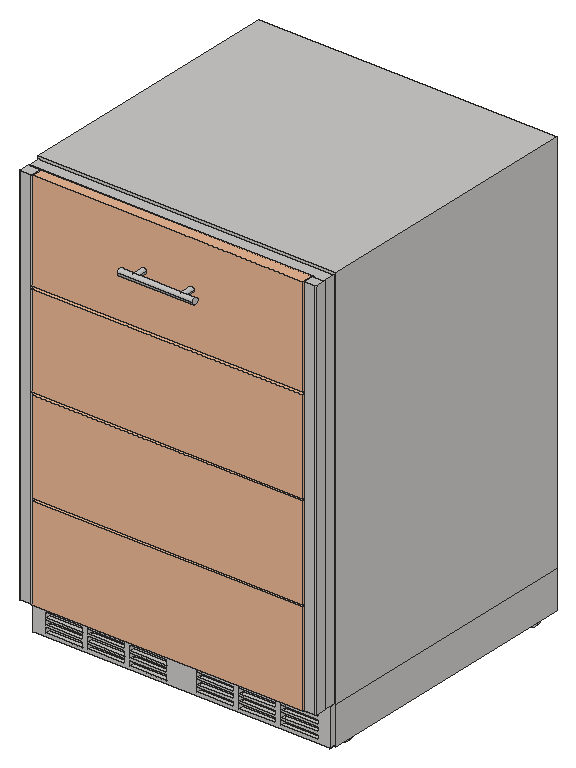
Revit family "Outdoor-Kitchen-Equipment_Kalamazoo_Dual-Zone-Cold-Cabinets_Arcadia", category Specialty Equipment, Revit 2018
Family settings
  Round Connector Dimension = Use Diameter
  Part Type = Normal
  OmniClass Number = 23.40.40.11.24
  OmniClass Title = Cold Cabinets
  Work Plane-Based = No
  Always vertical = Yes
  Cut with Voids When Loaded = No
  Shared = No
  Room Calculation Point = No
Parameters (values of type "K-HP24CO-2KD")
  Width = 23 7/8"
  Weight (lb) = 215.00 lbf
  Voltage = 120 V
  URL = "https://kalamazoogourmet.com/products/arcadia-24-inch-dual-zone-outdoor-refrigerator-win/"
  Total Cooling Capacity = 1985.0 Btu/h
  Right Hinge [instance] = not(Left Hinge)  # no
  Product data url = "https://www.bimobject.com/kalamazoogourmet/product/arcadia-dual-zone-refrigerator"
  Product Material = Kalamazoo - Stainless Steel - 304 OR 316L
  Power Factor = 0.8
  Panel Finish [instance] = Kalamazoo - Ipe Wood
  Number of Poles = 3
  Model = "K-HP24CO-2KD"
  Manufacturer = "Kalamazoo Outdoor Gourmet"  # constant formula
  Left Hinge [instance] = yes
  Keynote = "11400"
  Height = 34 3/8"  # constant formula
  Frequency = 60 Hz
  Description = "Arcadia 24-inch Dual-Zone Refrigerator and Wine Chiller"
  Depth = 24"  # constant formula
  Current = 2.3 A
  Assembly Code = "E1090300"
  Apparent Load = Voltage * Current / Number of Poles * Power Factor  # 73.6 VA
  6KD = no
Types (4): name | URL | Model | Description | 6KD
  (no name) | "https://kalamazoogourmet.com/products/arcadia-24-inch-dual-zone-outdoor-refrigerator-win/" | "K-HP24CO-2KD" | "Arcadia 24-inch Dual-Zone Refrigerator and Wine Chiller" | no
  K-HP24CO-2KD | "https://kalamazoogourmet.com/products/arcadia-24-inch-dual-zone-outdoor-refrigerator-win/" | "K-HP24CO-2KD" | "Arcadia 24-inch Dual-Zone Refrigerator and Wine Chiller" | no
  K-HP24ZO-6KD | "https://kalamazoogourmet.com/products/arcadia-24-inch-outdoor-refrigerator-freezer-drawe/" | "K-HP24ZO-6KD" | "Arcadia 24-inch Outdoor Refrigerator and Freezer Drawers" | yes
  K-HP24DO-2KD | "https://kalamazoogourmet.com/products/arcadia-24-inch-dual-zone-outdoor-wine-chiller/" | "K-HP24DO-2KD" | "Arcadia 24-inch Dual-Zone Wine Chiller" | no
Reference planes (in)
  plane 1: y = 0
  plane 2: z = 0
  plane 3 "Center (Left/Right)": x = 0
  plane 4: z = 3.375
  plane 5: z = 34.375
  plane 6: z = 34.175
  plane 7: z = 0.375
  plane 8: x = -11.9375
  plane 9: x = 11.9375
  plane 10: x = -10.865
  plane 11: x = 10.865
  plane 12: z = 36.93359
  plane 13: y = 2.5938
  plane 14 "Center (Front/Back)": y = 11.0125
  plane 15: z = 36.375
  plane 16: y = -12.9875
Forms (in)
  Extrusion 1, solid, material "Kalamazoo - Stainless Steel - 304 OR 316L"
    sketch origin (0, 0, 0) x (1, 0, 0) y (0, 1, 0)
      loop
        line (-11.9375, 11.0125) -> (-11.9375, -11.1125) -> (11.9375, -11.1125) -> (11.9375, 11.0125) -> (-11.9375, 11.0125)
    from 0.375 to 3.375
  Extrusion 2, solid, material "Kalamazoo - Stainless Steel - 304 OR 316L"
    sketch origin (0, 0, 0) x (1, 0, 0) y (0, 1, 0)
      loop
        circle (-11, 9.42009) r 0.72169
      loop
        circle (-11, -9.42009) r 0.72169
      loop
        circle (11, 9.42009) r 0.72169
      loop
        circle (11, -9.42009) r 0.72169
    from 0 to 0.375
  Extrusion 3, solid, material "Kalamazoo - Stainless Steel - 304 OR 316L"
    sketch origin (0, 0, 0) x (1, 0, 0) y (0, 1, 0)
      loop
        line (11.9375, 11.0125) -> (-11.9375, 11.0125) -> (-11.9375, -11.1125) -> (11.9375, -11.1125) -> (11.9375, 11.0125)
    from 3.375 to 34.375
  Extrusion 4, solid, material "Kalamazoo - Stainless Steel - 304 OR 316L"
    sketch origin (0, 0, 0) x (1, 0, 0) y (0, 1, 0)
      loop
        line (-10.865, -12.0775) -> (-11.865, -12.0775) -> (-11.865, -12.8775)
        arc (-11.865, -12.8775) -> (-11.83278, -12.95528) -> (-11.755, -12.9875) r 0.11
        line (-11.755, -12.9875) -> (-10.975, -12.9875)
        arc (-10.975, -12.9875) -> (-10.89722, -12.95528) -> (-10.865, -12.8775) r 0.11
        line (-10.865, -12.8775) -> (-10.865, -12.0775)
      loop
        line (10.865, -12.0775) -> (10.865, -12.8775)
        arc (10.865, -12.8775) -> (10.89722, -12.95528) -> (10.975, -12.9875) r 0.11
        line (10.975, -12.9875) -> (11.755, -12.9875)
        arc (11.755, -12.9875) -> (11.83278, -12.95528) -> (11.865, -12.8775) r 0.11
        line (11.865, -12.8775) -> (11.865, -12.0775) -> (10.865, -12.0775)
    from 3.375 to 34.175
  Extrusion 5, solid, material "Kalamazoo - Ipe Wood" <- "Panel Finish"
    sketch origin (0, 0, 0) x (1, 0, 0) y (0, 0, 1)
      loop
        line (-10.865, 26.2375) -> (10.865, 26.2375) -> (10.865, 34.175) -> (-10.865, 34.175) -> (-10.865, 26.2375)
      loop
        line (-10.865, 18.61667) -> (10.865, 18.61667) -> (10.865, 26.05417) -> (-10.865, 26.05417) -> (-10.865, 18.61667)
      loop
        line (-10.865, 10.99583) -> (10.865, 10.99583) -> (10.865, 18.43333) -> (-10.865, 18.43333) -> (-10.865, 10.99583)
      loop
        line (-10.865, 3.375) -> (10.865, 3.375) -> (10.865, 10.8125) -> (-10.865, 10.8125) -> (-10.865, 3.375)
    from 12.0775 to 12.9875
  Extrusion 6, solid, material "Kalamazoo - Stainless Steel - 304 OR 316L"
    sketch origin (0, 0, 0) x (1, 0, 0) y (0, 1, 0)
      loop
        line (-11.7875, -11.1125) -> (-11.7875, -12.0775) -> (11.7875, -12.0775) -> (11.7875, -11.1125) -> (-11.7875, -11.1125)
    from 3.375 to 34.175
  Extrusion 7, solid, material "Kalamazoo - Stainless Steel - 304 OR 316L", detail levels fine
    sketch origin (0, 0, 0) x (0, 1, 0) y (0, 0, 1)
      loop
        circle (-14.0025, 30.45625) r 0.24
    from -3 to 3
  Extrusion 8, solid, material "Kalamazoo - Stainless Steel - 304 OR 316L", detail levels fine
    sketch origin (0, 0, 0) x (1, 0, 0) y (0, 0, 1)
      loop
        circle (-1.91437, 30.45651) r 0.19943
      loop
        circle (1.91437, 30.45651) r 0.19943
    from 12.9875 to 14.04062
  Sweep 9, solid, material "Kalamazoo - Stainless Steel - 304 OR 316L", detail levels fine
    path origin (-0.03374, 10.6225, 0.12966) x (0, 1, 0) y (0, 0, 1)
      loop
        line (-21.735, 1.8125) -> (-22.145, 1.8125)
    profile origin (-0.03374, -11.3175, 1.94216) x (0, 0, -1) y (1, 0, 0)
      loop
        line (-1.43284, 11.90179) -> (-1.43284, 0.37517) -> (-1.43284, -11.90179) -> (1.52553, -11.90179)
        arc (1.52553, -11.90179) -> (1.55536, -11.88476) -> (1.56716, -11.8525) r 0.05
        line (1.56716, -11.8525) -> (1.56716, 0) -> (1.56716, 11.8525)
        arc (1.56716, 11.8525) -> (1.55536, 11.88476) -> (1.52553, 11.90179) r 0.05
        line (1.52553, 11.90179) -> (-1.43284, 11.90179)
      loop
        line (-1.30263, -8.03166) -> (-1.30263, -10.84308)
        arc (-1.30263, -10.84308) -> (-1.27524, -10.90983) -> (-1.20862, -10.93751) r 0.09401
        line (-1.20862, -10.93751) -> (-0.88239, -10.93751) -> (-0.88239, -7.9376) -> (-1.20846, -7.9376)
        arc (-1.20846, -7.9376) -> (-1.27504, -7.96511) -> (-1.30263, -8.03166) r 0.09406
      loop
        line (-0.76262, -8.03158) -> (-0.76262, -10.84329)
        arc (-0.76262, -10.84329) -> (-0.73516, -10.9099) -> (-0.66861, -10.9375) r 0.09401
        line (-0.66861, -10.9375) -> (-0.3424, -10.9375) -> (-0.3424, -7.93755) -> (-0.66873, -7.93755)
        arc (-0.66873, -7.93755) -> (-0.73513, -7.96514) -> (-0.76262, -8.03158) r 0.09403
      loop
        line (-0.22261, -8.0315) -> (-0.22261, -10.8435)
        arc (-0.22261, -10.8435) -> (-0.19507, -10.90997) -> (-0.12861, -10.9375) r 0.094
        line (-0.12861, -10.9375) -> (0.19761, -10.9375) -> (0.19761, -7.9375) -> (-0.12874, -7.9375)
        arc (-0.12874, -7.9375) -> (-0.19512, -7.96508) -> (-0.22261, -8.0315) r 0.094
      loop
        line (0.31739, -8.0315) -> (0.31739, -10.8435)
        arc (0.31739, -10.8435) -> (0.34493, -10.90997) -> (0.41139, -10.9375) r 0.094
        line (0.41139, -10.9375) -> (0.73761, -10.9375) -> (0.73761, -7.9375) -> (0.41153, -7.9375)
        arc (0.41153, -7.9375) -> (0.34497, -7.96499) -> (0.31739, -8.0315) r 0.094
      loop
        line (0.85738, -8.03162) -> (0.85738, -10.84319)
        arc (0.85738, -10.84319) -> (0.8848, -10.90986) -> (0.95139, -10.93751) r 0.09401
        line (0.95139, -10.93751) -> (1.27761, -10.93751) -> (1.27761, -7.93757) -> (0.95127, -7.93757)
        arc (0.95127, -7.93757) -> (0.88487, -7.96517) -> (0.85738, -8.03162) r 0.09404
      loop
        line (-1.30263, -4.65666) -> (-1.30263, -7.46891)
        arc (-1.30263, -7.46891) -> (-1.27495, -7.53512) -> (-1.20862, -7.56251) r 0.09401
        line (-1.20862, -7.56251) -> (-0.88239, -7.56251) -> (-0.88239, -4.5626) -> (-1.20857, -4.5626)
        arc (-1.20857, -4.5626) -> (-1.27508, -4.59015) -> (-1.30263, -4.65666) r 0.09406
      loop
        line (-0.76262, -4.65658) -> (-0.76262, -7.4687)
        arc (-0.76262, -7.4687) -> (-0.73501, -7.53504) -> (-0.66861, -7.5625) r 0.09401
        line (-0.66861, -7.5625) -> (-0.3424, -7.5625) -> (-0.3424, -4.56255) -> (-0.66865, -4.56255)
        arc (-0.66865, -4.56255) -> (-0.7351, -4.59011) -> (-0.76262, -4.65658) r 0.09403
      loop
        line (-0.22261, -4.6565) -> (-0.22261, -7.4685)
        arc (-0.22261, -7.4685) -> (-0.19507, -7.53497) -> (-0.12861, -7.5625) r 0.094
        line (-0.12861, -7.5625) -> (0.19761, -7.5625) -> (0.19761, -4.5625) -> (-0.12866, -4.5625)
        arc (-0.12866, -4.5625) -> (-0.19509, -4.59005) -> (-0.22261, -4.6565) r 0.094
      loop
        line (0.31739, -4.6565) -> (0.31739, -7.4685)
        arc (0.31739, -7.4685) -> (0.34493, -7.53497) -> (0.41139, -7.5625) r 0.094
        line (0.41139, -7.5625) -> (0.73761, -7.5625) -> (0.73761, -4.5625) -> (0.41144, -4.5625)
        arc (0.41144, -4.5625) -> (0.34494, -4.59001) -> (0.31739, -4.6565) r 0.094
      loop
        line (0.85738, -4.65662) -> (0.85738, -7.4688)
        arc (0.85738, -7.4688) -> (0.88502, -7.53508) -> (0.95139, -7.56251) r 0.09401
        line (0.95139, -7.56251) -> (1.27761, -7.56251) -> (1.27761, -4.56257) -> (0.95136, -4.56257)
        arc (0.95136, -4.56257) -> (0.8849, -4.59014) -> (0.85738, -4.65662) r 0.09404
      loop
        line (-1.30262, -1.28166) -> (-1.30262, -4.09391)
        arc (-1.30262, -4.09391) -> (-1.27493, -4.16012) -> (-1.20859, -4.18752) r 0.09403
        line (-1.20859, -4.18752) -> (-0.88239, -4.18752) -> (-0.88239, -1.18761) -> (-1.20857, -1.18761)
        arc (-1.20857, -1.18761) -> (-1.27507, -1.21515) -> (-1.30262, -1.28166) r 0.09405
      loop
        line (-0.76261, -1.28158) -> (-0.76261, -4.0937)
        arc (-0.76261, -4.0937) -> (-0.73499, -4.16005) -> (-0.66859, -4.18751) r 0.09402
        line (-0.66859, -4.18751) -> (-0.3424, -4.18751) -> (-0.3424, -1.18755) -> (-0.66858, -1.18755)
        arc (-0.66858, -1.18755) -> (-0.73507, -1.21509) -> (-0.76261, -1.28158) r 0.09402
      loop
        line (-0.22259, -1.2815) -> (-0.22259, -4.09349)
        arc (-0.22259, -4.09349) -> (-0.19506, -4.15997) -> (-0.12858, -4.18751) r 0.09401
        line (-0.12858, -4.18751) -> (0.19761, -4.18751) -> (0.19761, -1.1875) -> (-0.1286, -1.1875)
        arc (-0.1286, -1.1875) -> (-0.19506, -1.21503) -> (-0.22259, -1.2815) r 0.09399
      loop
        line (0.31741, -1.2815) -> (0.31741, -4.09349)
        arc (0.31741, -4.09349) -> (0.34494, -4.15997) -> (0.41142, -4.18751) r 0.09401
        line (0.41142, -4.18751) -> (0.73761, -4.18751) -> (0.73761, -1.1875) -> (0.4114, -1.1875)
        arc (0.4114, -1.1875) -> (0.34494, -1.21503) -> (0.31741, -1.2815) r 0.09399
      loop
        line (0.85739, -1.28161) -> (0.85739, -4.0938)
        arc (0.85739, -4.0938) -> (0.88504, -4.16009) -> (0.95141, -4.18751) r 0.09402
        line (0.95141, -4.18751) -> (1.27761, -4.18751) -> (1.27761, -1.18758) -> (0.95142, -1.18758)
        arc (0.95142, -1.18758) -> (0.88493, -1.21512) -> (0.85739, -1.28161) r 0.09404
      loop
        arc (-1.30263, 8.03166) -> (-1.27504, 7.96511) -> (-1.20846, 7.9376) r 0.09406
        line (-1.20846, 7.9376) -> (-0.88239, 7.9376) -> (-0.88239, 10.93751) -> (-1.20862, 10.93751)
        arc (-1.20862, 10.93751) -> (-1.27524, 10.90983) -> (-1.30263, 10.84308) r 0.09401
        line (-1.30263, 10.84308) -> (-1.30263, 8.03166)
      loop
        arc (-0.76262, 8.03158) -> (-0.73513, 7.96514) -> (-0.66873, 7.93755) r 0.09403
        line (-0.66873, 7.93755) -> (-0.3424, 7.93755) -> (-0.3424, 10.9375) -> (-0.66861, 10.9375)
        arc (-0.66861, 10.9375) -> (-0.73516, 10.9099) -> (-0.76262, 10.84329) r 0.09401
        line (-0.76262, 10.84329) -> (-0.76262, 8.03158)
      loop
        arc (-0.22261, 8.0315) -> (-0.19512, 7.96508) -> (-0.12874, 7.9375) r 0.094
        line (-0.12874, 7.9375) -> (0.19761, 7.9375) -> (0.19761, 10.9375) -> (-0.12861, 10.9375)
        arc (-0.12861, 10.9375) -> (-0.19507, 10.90997) -> (-0.22261, 10.8435) r 0.094
        line (-0.22261, 10.8435) -> (-0.22261, 8.0315)
      loop
        arc (0.31739, 8.0315) -> (0.34497, 7.96499) -> (0.41153, 7.9375) r 0.094
        line (0.41153, 7.9375) -> (0.73761, 7.9375) -> (0.73761, 10.9375) -> (0.41139, 10.9375)
        arc (0.41139, 10.9375) -> (0.34493, 10.90997) -> (0.31739, 10.8435) r 0.094
        line (0.31739, 10.8435) -> (0.31739, 8.0315)
      loop
        arc (0.85738, 8.03162) -> (0.88487, 7.96517) -> (0.95127, 7.93757) r 0.09404
        line (0.95127, 7.93757) -> (1.27761, 7.93757) -> (1.27761, 10.93751) -> (0.95139, 10.93751)
        arc (0.95139, 10.93751) -> (0.8848, 10.90986) -> (0.85738, 10.84319) r 0.09401
        line (0.85738, 10.84319) -> (0.85738, 8.03162)
      loop
        arc (-1.30263, 4.65666) -> (-1.27508, 4.59015) -> (-1.20857, 4.5626) r 0.09406
        line (-1.20857, 4.5626) -> (-0.88239, 4.5626) -> (-0.88239, 7.56251) -> (-1.20862, 7.56251)
        arc (-1.20862, 7.56251) -> (-1.27495, 7.53512) -> (-1.30263, 7.46891) r 0.09401
        line (-1.30263, 7.46891) -> (-1.30263, 4.65666)
      loop
        arc (-0.76262, 4.65658) -> (-0.7351, 4.59011) -> (-0.66865, 4.56255) r 0.09403
        line (-0.66865, 4.56255) -> (-0.3424, 4.56255) -> (-0.3424, 7.5625) -> (-0.66861, 7.5625)
        arc (-0.66861, 7.5625) -> (-0.73501, 7.53504) -> (-0.76262, 7.4687) r 0.09401
        line (-0.76262, 7.4687) -> (-0.76262, 4.65658)
      loop
        arc (-0.22261, 4.6565) -> (-0.19509, 4.59005) -> (-0.12866, 4.5625) r 0.094
        line (-0.12866, 4.5625) -> (0.19761, 4.5625) -> (0.19761, 7.5625) -> (-0.12861, 7.5625)
        arc (-0.12861, 7.5625) -> (-0.19507, 7.53497) -> (-0.22261, 7.4685) r 0.094
        line (-0.22261, 7.4685) -> (-0.22261, 4.6565)
      loop
        arc (0.31739, 4.6565) -> (0.34494, 4.59001) -> (0.41144, 4.5625) r 0.094
        line (0.41144, 4.5625) -> (0.73761, 4.5625) -> (0.73761, 7.5625) -> (0.41139, 7.5625)
        arc (0.41139, 7.5625) -> (0.34493, 7.53497) -> (0.31739, 7.4685) r 0.094
        line (0.31739, 7.4685) -> (0.31739, 4.6565)
      loop
        arc (0.85738, 4.65662) -> (0.8849, 4.59014) -> (0.95136, 4.56257) r 0.09404
        line (0.95136, 4.56257) -> (1.27761, 4.56257) -> (1.27761, 7.56251) -> (0.95139, 7.56251)
        arc (0.95139, 7.56251) -> (0.88502, 7.53508) -> (0.85738, 7.4688) r 0.09401
        line (0.85738, 7.4688) -> (0.85738, 4.65662)
      loop
        arc (-1.30262, 1.28166) -> (-1.27507, 1.21515) -> (-1.20857, 1.18761) r 0.09405
        line (-1.20857, 1.18761) -> (-0.88239, 1.18761) -> (-0.88239, 4.18752) -> (-1.20859, 4.18752)
        arc (-1.20859, 4.18752) -> (-1.27493, 4.16012) -> (-1.30262, 4.09391) r 0.09403
        line (-1.30262, 4.09391) -> (-1.30262, 1.28166)
      loop
        arc (-0.76261, 1.28158) -> (-0.73507, 1.21509) -> (-0.66858, 1.18755) r 0.09402
        line (-0.66858, 1.18755) -> (-0.3424, 1.18755) -> (-0.3424, 4.18751) -> (-0.66859, 4.18751)
        arc (-0.66859, 4.18751) -> (-0.73499, 4.16005) -> (-0.76261, 4.0937) r 0.09402
        line (-0.76261, 4.0937) -> (-0.76261, 1.28158)
      loop
        arc (-0.22259, 1.2815) -> (-0.19506, 1.21503) -> (-0.1286, 1.1875) r 0.09399
        line (-0.1286, 1.1875) -> (0.19761, 1.1875) -> (0.19761, 4.18751) -> (-0.12858, 4.18751)
        arc (-0.12858, 4.18751) -> (-0.19506, 4.15997) -> (-0.22259, 4.09349) r 0.09401
        line (-0.22259, 4.09349) -> (-0.22259, 1.2815)
      loop
        arc (0.31741, 1.2815) -> (0.34494, 1.21503) -> (0.4114, 1.1875) r 0.09399
        line (0.4114, 1.1875) -> (0.73761, 1.1875) -> (0.73761, 4.18751) -> (0.41142, 4.18751)
        arc (0.41142, 4.18751) -> (0.34494, 4.15997) -> (0.31741, 4.09349) r 0.09401
        line (0.31741, 4.09349) -> (0.31741, 1.2815)
      loop
        arc (0.85739, 1.28161) -> (0.88493, 1.21512) -> (0.95142, 1.18758) r 0.09404
        line (0.95142, 1.18758) -> (1.27761, 1.18758) -> (1.27761, 4.18751) -> (0.95141, 4.18751)
        arc (0.95141, 4.18751) -> (0.88504, 4.16009) -> (0.85739, 4.0938) r 0.09402
        line (0.85739, 4.0938) -> (0.85739, 1.28161)
  Sweep 10, solid, material "Kalamazoo - Stainless Steel - 304 OR 316L", detail levels coarse+medium
    path origin (-0.03374, 10.6225, 0.12966) x (0, 1, 0) y (0, 0, 1)
      loop
        line (-21.735, 1.8125) -> (-22.145, 1.8125)
    profile origin (-0.03374, -11.3175, 1.94216) x (0, 0, -1) y (1, 0, 0)
      loop
        line (-1.43284, 11.90179) -> (-1.43284, 0.37517) -> (-1.43284, -11.90179) -> (1.52553, -11.90179)
        arc (1.52553, -11.90179) -> (1.55536, -11.88476) -> (1.56716, -11.8525) r 0.05
        line (1.56716, -11.8525) -> (1.56716, 0) -> (1.56716, 11.8525)
        arc (1.56716, 11.8525) -> (1.55536, 11.88476) -> (1.52553, 11.90179) r 0.05
        line (1.52553, 11.90179) -> (-1.43284, 11.90179)
  Extrusion 11, solid, material "Kalamazoo - Stainless Steel - 304 OR 316L", visible <- "6KD", detail levels fine
    sketch origin (0, 0, -15.74167) x (0, 1, 0) y (0, 0, 1)
      loop
        circle (-14.0025, 30.45625) r 0.24
    from -3 to 3
  Extrusion 12, solid, material "Kalamazoo - Stainless Steel - 304 OR 316L", visible <- "6KD", detail levels fine
    sketch origin (0, 0, -15.74167) x (1, 0, 0) y (0, 0, 1)
      loop
        circle (-1.91437, 30.45651) r 0.19943
      loop
        circle (1.91437, 30.45651) r 0.19943
    from 12.9875 to 14.04062
Lines and regions (in)
  Masking region 1
    outline origin (0, 0, 0) x (1, 0, 0) y (0, 1, 0)
      loop
        line (-11.9375, 11.0125) -> (-11.9375, -11.1125) -> (11.9375, -11.1125) -> (11.9375, 11.0125) -> (-11.9375, 11.0125)
  Masking region 2
    outline origin (0, 0, 0) x (1, 0, 0) y (0, 1, 0)
      loop
        line (-11.7875, -11.1125) -> (-11.7875, -12.0775) -> (11.7875, -12.0775) -> (11.7875, -11.1125) -> (-11.7875, -11.1125)
  Masking region 3
    outline origin (0, 0, 0) x (1, 0, 0) y (0, 1, 0)
      loop
        line (-11.865, -12.0775) -> (-11.865, -12.8775)
        arc (-11.865, -12.8775) -> (-11.83278, -12.95528) -> (-11.755, -12.9875) r 0.11
        line (-11.755, -12.9875) -> (-10.975, -12.9875)
        arc (-10.975, -12.9875) -> (-10.89722, -12.95528) -> (-10.865, -12.8775) r 0.11
        line (-10.865, -12.8775) -> (-10.865, -12.0775) -> (-11.865, -12.0775)
      loop
        line (11.865, -12.0775) -> (10.865, -12.0775) -> (10.865, -12.8775)
        arc (10.865, -12.8775) -> (10.89722, -12.95528) -> (10.975, -12.9875) r 0.11
        line (10.975, -12.9875) -> (11.755, -12.9875)
        arc (11.755, -12.9875) -> (11.83278, -12.95528) -> (11.865, -12.8775) r 0.11
        line (11.865, -12.8775) -> (11.865, -12.0775)
  Masking region 4
    outline origin (0, 0, 0) x (1, 0, 0) y (0, 1, 0)
      loop
        line (-10.865, -12.0775) -> (-10.865, -12.9875) -> (10.865, -12.9875) -> (10.865, -12.0775) -> (-10.865, -12.0775)
  Masking region 5, detail levels fine
    outline origin (0, 0, 0) x (1, 0, 0) y (0, 1, 0)
      loop
        line (-3, -13.7625) -> (-3, -14.2425) -> (3, -14.2425) -> (3, -13.7625) -> (2.11381, -13.7625) -> (2.11381, -12.9875) -> (1.71494, -12.9875) -> (1.71494, -13.7625) -> (-1.71494, -13.7625) -> (-1.71494, -12.9875) -> (-2.11381, -12.9875) -> (-2.11381, -13.7625) -> (-3, -13.7625)
Dimensions and locks (in)
  plane 4 to plane 2 = 3 3/8"
  locked: plane 5 to Extrusion 7 sketch curve at 3.91875
  locked: plane 5 to Extrusion 8 sketch curve at 3.91849  (x2)
  plane 5 to plane 2 = 34 3/8"
  plane 5 to plane 6 = 0.2"
  locked: plane 7 to plane 2 at 0.375
  equal spacing: plane 8, plane 3 "Center (Left/Right)", plane 9
  "Width": plane 8 to plane 9
  locked: plane 8 to Extrusion 6 sketch curve at 0.15
  locked: Extrusion 6 sketch curve to plane 9 at 0.15
  plane 8 to Extrusion 4 sketch curve to Extrusion 4 sketch curve = 0.0725" locked, 1" locked
  Extrusion 4 sketch curve to Extrusion 4 sketch curve to plane 9 = 1" locked, 0.0725" locked
  locked: plane 8 to plane 10 at 1.0725
  locked: plane 11 to plane 9 at 1.0725
  locked: plane 8 to Extrusion 2 sketch curve at 0.9375  (x2)
  locked: Extrusion 2 sketch curve to plane 9 at 0.9375  (x2)
  locked: plane 8 to Masking region 2 sketch curve at 0.15
  locked: Masking region 2 sketch curve to plane 9 at 0.15
  plane 8 to Masking region 3 sketch curve to Masking region 3 sketch curve = 0.0725" locked, 1" locked
  Masking region 3 sketch curve to Masking region 3 sketch curve to plane 9 = 1" locked, 0.0725" locked
  locked: plane 1 to plane 13 at 2.5938
  locked: plane 12 to plane 15 at 0.55859
  plane 15 to plane 5 = 2"
  "Height": plane 5 to level
  "Depth": plane 14 "Center (Front/Back)" to plane 16
  aligned and locked: plane 2 to level
  aligned and locked: plane 4 to Extrusion 1
  aligned and locked: Extrusion 3 to plane 4
  aligned and locked: plane 5 to Extrusion 3
  aligned and locked: plane 7 to Extrusion 1
  aligned and locked: Extrusion 6 to plane 4
  aligned and locked: Extrusion 4 to plane 4
  aligned and locked: plane 6 to Extrusion 6
  aligned and locked: plane 6 to Extrusion 4
  aligned and locked: Extrusion 3 to plane 5
  aligned and locked: Extrusion 5 to plane 10  (x4)
  aligned and locked: plane 11 to Extrusion 5  (x4)
  aligned and locked: Extrusion 3 sketch curve to plane 8
  aligned and locked: plane 9 to Extrusion 3 sketch curve
  aligned and locked: plane 8 to Extrusion 1 sketch curve
  aligned and locked: Extrusion 1 sketch curve to plane 9
  aligned and locked: plane 8 to Masking region 1 sketch curve
  aligned and locked: Masking region 1 sketch curve to plane 9
  aligned and locked: plane 10 to Masking region 4 sketch curve
  aligned and locked: Masking region 4 sketch curve to plane 11
Automatic sketch dimensions
  Extrusion 1 sketch curve to plane 14 "Center (Front/Back)" = 0"
  plane 16 to Extrusion 1 sketch curve = 1 7/8"
  plane 16 to Extrusion 2 sketch curve = 3.56741"  (x2)
  Extrusion 2 sketch curve to plane 14 "Center (Front/Back)" = 1.59241"  (x2)
  Extrusion 3 sketch curve to plane 14 "Center (Front/Back)" = 0"
  plane 16 to Extrusion 3 sketch curve = 1 7/8"
  Extrusion 4 sketch curve to plane 16 = 0"  (x2)
  plane 16 to Extrusion 4 sketch curve = 0.11"
  Extrusion 4 sketch curve to plane 10 = 0.11"
  plane 11 to Extrusion 4 sketch curve = 0.11"
  Extrusion 4 sketch curve to Extrusion 4 sketch curve = 0.11"
  Extrusion 4 sketch curve to Extrusion 4 sketch curve = 0.8"  (x2)
  Extrusion 5 sketch curve to plane 10 = 0"  (x4)
  Extrusion 5 sketch curve to plane 11 = 0"  (x4)
  Extrusion 5 sketch curve to plane 6 = 0"
  Extrusion 5 sketch curve to plane 4 = 0"
  Extrusion 5 sketch curve to Extrusion 5 sketch curve = 7 7/16"  (x3)
  Extrusion 5 sketch curve to Extrusion 5 sketch curve = 0.18333"  (x3)
  plane 16 to Extrusion 6 sketch curve = 0.91"
  Extrusion 6 sketch curve to Extrusion 6 sketch curve = 0.965"
  Extrusion 7 sketch curve to plane 16 = 1.015"
  Extrusion 8 sketch curve to plane 3 "Center (Left/Right)" = 1.91437"
  plane 3 "Center (Left/Right)" to Extrusion 8 sketch curve = 1.91437"
  Masking region 1 sketch curve to plane 14 "Center (Front/Back)" = 0"
  plane 16 to Masking region 1 sketch curve = 1 7/8"
  plane 16 to Masking region 2 sketch curve = 0.91"
  Masking region 2 sketch curve to Masking region 2 sketch curve = 0.965"
  Masking region 3 sketch curve to plane 16 = 0"  (x2)
  Masking region 3 sketch curve to Masking region 3 sketch curve = 0.11"  (x2)
  Masking region 3 sketch curve to plane 10 = 0.11"
  plane 11 to Masking region 3 sketch curve = 0.11"
  Masking region 3 sketch curve to Masking region 3 sketch curve = 0.8"  (x2)
  Masking region 4 sketch curve to plane 16 = 0"
  plane 16 to Masking region 4 sketch curve = 0.91"
  Masking region 5 sketch curve to plane 16 = 0.775"
  Masking region 5 sketch curve to plane 3 "Center (Left/Right)" = 3"
  Masking region 5 sketch curve to plane 16 = 0"  (x2)
  Masking region 5 sketch curve to Masking region 5 sketch curve = 0.88619"  (x2)
  Masking region 5 sketch curve to Masking region 5 sketch curve = 0.39887"  (x2)
  plane 3 "Center (Left/Right)" to Masking region 5 sketch curve = 1.71494"
  Masking region 5 sketch curve to Masking region 5 sketch curve = 0.775"
  Masking region 5 sketch curve to Masking region 5 sketch curve = 0"
  Masking region 5 sketch curve to Masking region 5 sketch curve = 0.48"
  plane 16 to Sweep 9 sketch curve = 1.465"
  Sweep 9 sketch curve to plane 4 = 1.43284"
  Sweep 9 sketch curve to Sweep 9 sketch curve = 0.41"
  Sweep 9 sketch curve to profile plane = 0"
  profile plane to Sweep 9 sketch curve = 1.43284"
  Sweep 9 sketch curve to Sweep 9 sketch curve = 0.13021"  (x2)
  Sweep 9 sketch curve to Sweep 9 sketch curve = 0"  (x18)
  profile plane to Sweep 9 sketch curve = 1.30263"
  Sweep 9 sketch curve to Sweep 9 sketch curve = 0.13022"
  Sweep 9 sketch curve to Sweep 9 sketch curve = 0.09401"  (x16)
  Sweep 9 sketch curve to Sweep 9 sketch curve = 0.09403"  (x5)
  Sweep 9 sketch curve to Sweep 9 sketch curve = 0.09406"  (x4)
  Sweep 9 sketch curve to Sweep 9 sketch curve = 0.09405"  (x2)
  Sweep 9 sketch curve to Sweep 9 sketch curve = 0.00012"  (x2)
  Sweep 9 sketch curve to Sweep 9 sketch curve = 0.32617"  (x2)
  Sweep 9 sketch curve to Sweep 9 sketch curve = 0.32606"
  Sweep 9 sketch curve to Sweep 9 sketch curve = 0.32618"  (x3)
  Sweep 9 sketch curve to Sweep 9 sketch curve = 0.32622"  (x6)
  Sweep 9 sketch curve to Sweep 9 sketch curve = 0.11978"  (x6)
  Sweep 9 sketch curve to Sweep 9 sketch curve = 0.11979"  (x10)
  Sweep 9 sketch curve to Sweep 9 sketch curve = 0.09389"  (x2)
  Sweep 9 sketch curve to Sweep 9 sketch curve = 0.09397"  (x4)
  Sweep 9 sketch curve to Sweep 9 sketch curve = 0.00006"
  Sweep 9 sketch curve to Sweep 9 sketch curve = 0.09402"  (x6)
  Sweep 9 sketch curve to Sweep 9 sketch curve = 0.32625"  (x2)
  Sweep 9 sketch curve to Sweep 9 sketch curve = 0.32619"  (x3)
  Sweep 9 sketch curve to Sweep 9 sketch curve = 0.1198"  (x4)
  profile plane to Sweep 9 sketch curve = 0.12874"  (x2)
  profile plane to Sweep 9 sketch curve = 0.12866"  (x2)
  Sweep 9 sketch curve to Sweep 9 sketch curve = 0.094"  (x17)
  profile plane to Sweep 9 sketch curve = 0.12861"  (x3)
  Sweep 9 sketch curve to Sweep 9 sketch curve = 0.09399"  (x5)
  profile plane to Sweep 9 sketch curve = 0.1286"
  Sweep 9 sketch curve to profile plane = 0.19761"  (x6)
  Sweep 9 sketch curve to Sweep 9 sketch curve = 0.00005"  (x2)
  Sweep 9 sketch curve to Sweep 9 sketch curve = 0.00013"  (x2)
  Sweep 9 sketch curve to Sweep 9 sketch curve = 0.32621"  (x5)
  Sweep 9 sketch curve to Sweep 9 sketch curve = 0.11977"  (x4)
  Sweep 9 sketch curve to Sweep 9 sketch curve = 0.0939"  (x2)
  Sweep 9 sketch curve to Sweep 9 sketch curve = 0.09398"  (x2)
  Sweep 9 sketch curve to Sweep 9 sketch curve = 0.00014"  (x2)
  Sweep 9 sketch curve to Sweep 9 sketch curve = 0.09404"  (x4)
  Sweep 9 sketch curve to Sweep 9 sketch curve = 0.32633"  (x2)
  Sweep 9 sketch curve to Sweep 9 sketch curve = 0.23955"  (x2)
  Sweep 9 sketch curve to Sweep 9 sketch curve = 0.00838"  (x2)
  Sweep 9 sketch curve to Sweep 9 sketch curve = 0.05"
  Sweep 9 sketch curve to profile plane = 1 3/16"
  Sweep 9 sketch curve to Sweep 9 sketch curve = 0.09394"  (x2)
  Sweep 9 sketch curve to Sweep 9 sketch curve = 0.00007"  (x4)
  Sweep 9 sketch curve to Sweep 9 sketch curve = 2.81183"  (x2)
  Sweep 9 sketch curve to Sweep 9 sketch curve = 0.00021"  (x6)
  Sweep 9 sketch curve to Sweep 9 sketch curve = 0.00031"  (x6)
  Sweep 9 sketch curve to Sweep 9 sketch curve = 0.00042"  (x4)
  Sweep 9 sketch curve to Sweep 9 sketch curve = 3/8"  (x6)
  Sweep 9 sketch curve to Sweep 9 sketch curve = 0.09395"  (x3)
  Sweep 9 sketch curve to Sweep 9 sketch curve = 0.37509"  (x4)
  Sweep 9 sketch curve to Sweep 9 sketch curve = 2.81184"  (x2)
  Sweep 9 sketch curve to Sweep 9 sketch curve = 2.81143"  (x2)
  Sweep 9 sketch curve to Sweep 9 sketch curve = 0.00011"  (x2)
  Sweep 9 sketch curve to Sweep 9 sketch curve = 0.00041"  (x2)
  Sweep 9 sketch curve to Sweep 9 sketch curve = 0.0003"  (x2)
  Sweep 9 sketch curve to Sweep 9 sketch curve = 0.0002"  (x2)
  Sweep 9 sketch curve to Sweep 9 sketch curve = 0.91499"  (x2)
  profile plane to Sweep 9 sketch curve = 0.37517"
  profile plane to Sweep 9 sketch curve = 1 3/16"
  Sweep 9 sketch curve to Sweep 9 sketch curve = 0.37504"
  Sweep 9 sketch curve to Sweep 9 sketch curve = 0.37506"
  Sweep 9 sketch curve to Sweep 9 sketch curve = 0.37507"
  plane 16 to Sweep 10 sketch curve = 1.465"
  Sweep 10 sketch curve to plane 4 = 1.43284"
  Sweep 10 sketch curve to Sweep 10 sketch curve = 0.41"
  Sweep 10 sketch curve to profile plane = 0"
  profile plane to Sweep 10 sketch curve = 1.43284"
  Sweep 10 sketch curve to profile plane = 1.51716"  (x2)
  Sweep 10 sketch curve to Sweep 10 sketch curve = 0.00838"  (x2)
  Sweep 10 sketch curve to Sweep 10 sketch curve = 0.05"
  Sweep 10 sketch curve to profile plane = 11.8525"
  profile plane to Sweep 10 sketch curve = 0.37517"
  profile plane to Sweep 10 sketch curve = 11.8525"
  Extrusion 11 sketch curve to plane 16 = 1.015"
  plane 4 to Extrusion 11 sketch curve = 11.33958"
  Extrusion 12 sketch curve to plane 3 "Center (Left/Right)" = 1.91437"
  plane 3 "Center (Left/Right)" to Extrusion 12 sketch curve = 1.91437"
  plane 4 to Extrusion 12 sketch curve = 11 87/256"
  Extrusion 12 sketch curve to Extrusion 12 sketch curve = 0"
  radius of Extrusion 2 sketch curve = 0.72169"  (x4)
  radius of Extrusion 7 sketch curve = 0.24"
  radius of Extrusion 8 sketch curve = 0.19943"  (x2)
  radius of Extrusion 11 sketch curve = 0.24"
  radius of Extrusion 12 sketch curve = 0.19943"  (x2)
Connectors (in)
  electrical at (0, 11.0125, 18.875), driven by "Power Factor", driven by "Voltage", driven by "Apparent Load", driven by "Apparent Load", driven by "Apparent Load", driven by "Number of Poles"
    settings: on Extrusion 3, index 1, voltage 120 V, apparent load 0 VA, apparent load phase1 73.6 VA, apparent load phase2 73.6 VA, apparent load phase3 73.6 VA, power factor 0.8, load classification "Other", number of poles 3, system type 31, power factor state 1, is connector primary yes, connector utility no, sub classification motor no, connector description "Power Connector"
